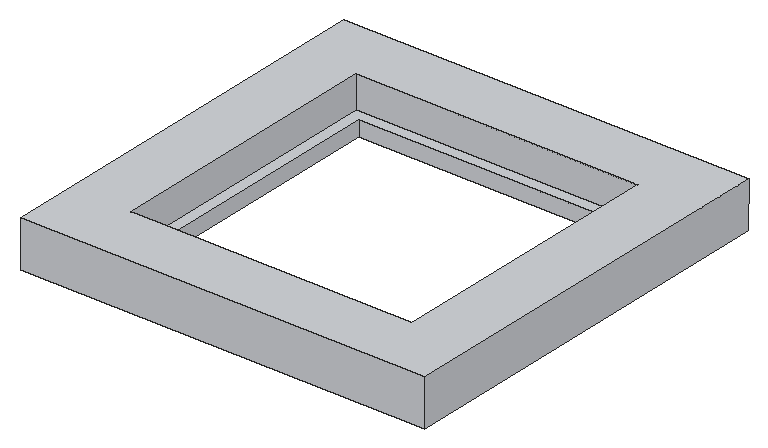
Revit family "Gira_021109", category Electrical Fixtures, host Face, Revit 2017
Family settings
  Host = Face
  Maintain Annotation Orientation = No
  Round Connector Dimension = Use Diameter
  Part Type = Normal
  Cut with Voids When Loaded = No
  Shared = No
  Room Calculation Point = No
Parameters (values of type "Cov.fr. 1-g Gira E2 black m")
  URL = "http://katalog.gira.de/en/datenblatt.html?artikelnr=021109"
  Transparent = "No"
  Name = "Cov.fr. 1-g Gira E2 black m"
  Manufacturer URL = "https://www.gira.de/"
  Manufacturer = "Gira"
  Label space/information surface = "No"
  Keynote = ""
  HeinzeBIM = "https://bimportal.heinze.de/bim/cov-fr-1-g-gira-e2-black-m/f13dd3c9629f6874bdc9e4e08db9d5aaf34a9a65"
  HAN = "021109"
  GTIN = "4010337036739"
  Description = "Cov.fr.1g E2 BKm,Gira E2 cover frame,black matt,1-gang,Features:,- Shatter-proof.,,Notes :,- Also suitable for duct installation.,- In connection with the seal kit, frame (1-gang to 5-gang) is also suitable for installation as water-protected flush-mounted IP44."
  Default Elevation = 1219.2 mm
  Data sheet (1) = "https://katalog.gira.de/en/download.html?artikelnr=021109"
  Category = "Cover frame for domestic switching devices"
  BIM (1) = "https://media.stage.bim.site/public/gira/36a6b08/E2_Rahmen_1fach.rfa"
  Available = "No"
Reference planes
  plane 1 "Center (Front/Back)": y = 0
  plane 2: z = 0
  plane 3 "Center (Left/Right)": x = 0
Forms (mm)
  Extrusion 1, solid, detail levels fine
    sketch origin (0, 0, 0) x (1, 0, 0) y (0, 1, 0)
      loop
        line (40.4, 40.4) -> (-40.4, 40.4) -> (-40.4, -40.4) -> (40.4, -40.4) -> (40.4, 40.4)
      loop
        line (-28.152, 28.1) -> (-28.152, -28.152) -> (28.1, -28.152) -> (28.1, 28.1) -> (-28.152, 28.1)
    from 0 to 9.3
  Extrusion 2, solid, detail levels fine
    sketch origin (0, 0, 0) x (1, 0, 0) y (0, 1, 0)
      loop
        line (-28.152, -28.152) -> (28.1, -28.152) -> (28.1, 28.1) -> (-28.152, 28.1) -> (-28.152, -28.152)
      loop
        line (25.7, -25.7) -> (25.7, 25.7) -> (-25.7, 25.7) -> (-25.7, -25.7) -> (25.7, -25.7)
    from 0 to 3
  Extrusion 3, solid, detail levels coarse+medium
    sketch origin (0, 0, 0) x (1, 0, 0) y (0, 1, 0)
      loop
        line (40.4, 40.4) -> (-40.4, 40.4) -> (-40.4, -40.4) -> (40.4, -40.4) -> (40.4, 40.4)
    from 0 to 9.3
Dimensions and locks
  aligned and locked: plane 2 to host face
  aligned and locked: level to host face
